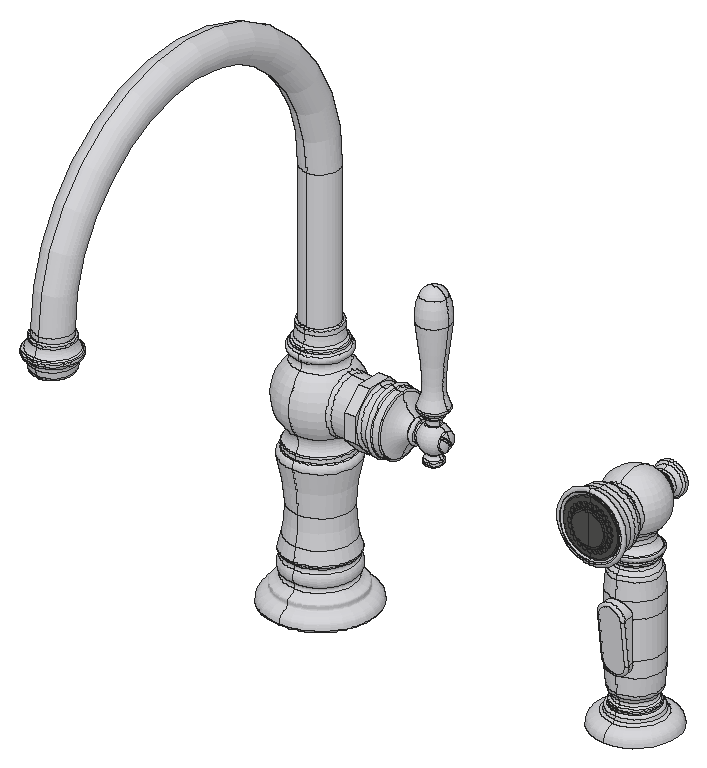
Revit family "Faucet-Kitchen_Sink-KOHLER-Artifacts-K-99262", category Plumbing Fixtures, host Face, Revit 2015 (continued)
Definition of nested family "K-99262_2"
  Forms (in)
    Revolve 1, solid, material <- "Material"
      sketch origin (0, 0, 0) x (0, 1, 0) y (0, 0, 1)
        loop
          arc (0.59268, 0.9473) -> (0.61409, 1.15963) -> (0.62079, 1.37294) r 3.0887
          arc (0.62079, 1.37294) -> (0.62087, 1.5703) -> (0.62234, 1.76766) r 27.79023
          arc (0.62234, 1.76766) -> (0.62497, 2.24363) -> (0.62234, 2.7196) r 43.11888
          arc (0.62234, 2.7196) -> (0.62087, 2.91696) -> (0.62079, 3.11433) r 27.79023
          arc (0.62079, 3.11433) -> (0.61409, 3.32763) -> (0.59268, 3.53997) r 3.0887
          arc (0.59268, 3.53997) -> (0.58032, 3.58936) -> (0.55745, 3.63486) r 0.23144
          line (0.55745, 3.63486) -> (0.48793, 3.7419)
          arc (0.48793, 3.7419) -> (0.47422, 3.77953) -> (0.47835, 3.81936) r 0.08919
          arc (0.47835, 3.81936) -> (0.50031, 3.85605) -> (0.53529, 3.88064) r 0.10282
          arc (0.53529, 3.88064) -> (0.54836, 3.89143) -> (0.55347, 3.90759) r 0.02993
          line (0.55347, 3.90759) -> (0.55347, 3.96076)
          arc (0.55347, 3.96076) -> (0.55737, 3.97832) -> (0.57072, 3.99038) r 0.02959
          arc (0.57072, 3.99038) -> (0.60492, 4.03405) -> (0.58867, 4.08708) r 0.05995
          line (0.58867, 4.08708) -> (0.5531, 4.11159)
          arc (0.5531, 4.11159) -> (0.47595, 4.18929) -> (0.43226, 4.2897) r 0.2965
          arc (0.43226, 4.2897) -> (0.42806, 4.35485) -> (0.44458, 4.41801) r 0.20467
          arc (0.44458, 4.41801) -> (0.48394, 4.49116) -> (0.53647, 4.5555) r 0.43536
          arc (0.53647, 4.5555) -> (0.57301, 4.59517) -> (0.6066, 4.63735) r 0.75153
          arc (0.6066, 4.63735) -> (0.67284, 5.42356) -> (0.00003, 5.83568) r 0.75153
          line (0.00003, 5.83568) -> (0.00003, 0.00009)
        axis (0.00003, 5.83568) -> (0.00003, 0.00009)
      angle from 0 to 360
    Revolve 2, solid, material <- "Material"
      sketch origin (0, 0, 0) x (0, 1, 0) y (0, 0, 1)
        loop
          line (1.24233, 5.08666) -> (0.61887, 5.08666) -> (0.61887, 4.68518)
          arc (0.61887, 4.68518) -> (0.66545, 4.71844) -> (0.72128, 4.73103) r 0.1446
          arc (0.72128, 4.73103) -> (0.74142, 4.73977) -> (0.74971, 4.7601) r 0.02908
          line (0.74971, 4.7601) -> (0.74971, 4.79126) -> (0.82105, 4.79126)
          arc (0.82105, 4.79126) -> (0.86417, 4.79081) -> (0.90728, 4.78945) r 2.05487
          arc (0.90728, 4.78945) -> (0.97912, 4.77396) -> (1.04165, 4.73533) r 0.21664
          arc (1.04165, 4.73533) -> (1.07003, 4.71111) -> (1.09922, 4.68787) r 1.08722
          arc (1.09922, 4.68787) -> (1.13479, 4.67832) -> (1.16671, 4.69671) r 0.04813
          arc (1.16671, 4.69671) -> (1.19189, 4.73836) -> (1.20727, 4.78453) r 0.21925
          arc (1.20727, 4.78453) -> (1.23537, 4.93436) -> (1.24233, 5.08666) r 1.09189
        loop
          line (-0.60824, 4.49752) -> (-0.45501, 4.49752) -> (-0.45501, 5.08666) -> (-1.35024, 5.08666) -> (-1.35024, 4.36816) -> (-1.38731, 4.36816)
          arc (-1.38731, 4.36816) -> (-1.41777, 4.35554) -> (-1.43038, 4.32508) r 0.04308
          line (-1.43038, 4.32508) -> (-1.43038, 4.29432)
          arc (-1.43038, 4.29432) -> (-1.41471, 4.23309) -> (-1.35158, 4.23003) r 0.05321
          arc (-1.35158, 4.23003) -> (-1.24593, 4.28417) -> (-1.13078, 4.31304) r 0.52206
          arc (-1.13078, 4.31304) -> (-1.05026, 4.32012) -> (-0.96943, 4.3201) r 0.91938
          arc (-0.96943, 4.3201) -> (-0.89648, 4.32322) -> (-0.82516, 4.3389) r 0.42071
          arc (-0.82516, 4.3389) -> (-0.71758, 4.39641) -> (-0.63856, 4.48932) r 0.32713
          line (-0.63856, 4.48932) -> (-0.62992, 4.52225)
          arc (-0.62992, 4.52225) -> (-0.62373, 4.5058) -> (-0.60824, 4.49752) r 0.02494
        axis (-1.43038, 5.08666) -> (1.24233, 5.08666)
      angle from 0 to 360
    Extrusion 3, solid, material <- "Material"
      sketch origin (0, -0.45516, -0.05589) x (0, -0.121869, 0.992546) y (1, 0, 0)
        loop
          line (1.75926, -0.3347) -> (2.82625, -0.3347)
          arc (2.82625, -0.3347) -> (3.1626, 0.00165) -> (2.82625, 0.33801) r 0.33636
          line (2.82625, 0.33801) -> (1.75926, 0.33801)
          arc (1.75926, 0.33801) -> (1.42291, 0.00165) -> (1.75926, -0.3347) r 0.33636
      from -0.01207 to 0.37202
    Sweep 4, void
      path origin (0, -0.45516, -0.05589) x (0, -0.121869, 0.992546) y (1, 0, 0)
        loop
          line (2.82625, 0.33801) -> (1.75926, 0.33801)
          arc (1.75926, 0.33801) -> (1.42291, 0.00165) -> (1.75926, -0.3347) r 0.33636
          line (1.75926, -0.3347) -> (2.82625, -0.3347)
          arc (2.82625, -0.3347) -> (3.1626, 0.00165) -> (2.82625, 0.33801) r 0.33636
      profile origin (0.00165, -0.84058, 3.08314) x (0, -0.121869, 0.992546) y (0, 0.992546, 0.121869)
        loop
          line (0.03462, 0.04997) -> (0, 0.04997)
          arc (0, 0.04997) -> (-0.01817, 0.0061) -> (-0.06204, -0.01207) r 0.06204
          line (-0.06204, -0.01207) -> (-0.06204, -0.06158) -> (0.03462, -0.06158) -> (0.03462, 0.04997)
    Extrusion 5, solid
      sketch origin (0, 0, 0) x (1, 0, 0) y (0, 0, 1)
        loop
          circle (0.00087, 4.57092) r 0.04736
        loop
          circle (0.13193, 4.58986) r 0.04736
        loop
          circle (0.25785, 4.63784) r 0.04736
        loop
          circle (0.36179, 4.72368) r 0.04736
        loop
          circle (0.44694, 4.83097) r 0.04736
        loop
          circle (0.49598, 4.95785) r 0.04736
        loop
          circle (0.51071, 5.08307) r 0.04736
        loop
          circle (0.49615, 5.21602) r 0.04736
        loop
          circle (-0.13088, 4.5921) r 0.04736
        loop
          circle (-0.25905, 4.6425) r 0.04736
        loop
          circle (-0.36654, 4.72386) r 0.04736
        loop
          circle (-0.44836, 4.82777) r 0.04736
        loop
          circle (-0.49492, 4.95245) r 0.04736
        loop
          circle (0.00237, 5.5969) r 0.04736
        loop
          circle (0.13412, 5.58353) r 0.04736
        loop
          circle (0.25448, 5.52532) r 0.04736
        loop
          circle (0.36197, 5.44396) r 0.04736
        loop
          circle (0.44379, 5.34005) r 0.04736
        loop
          circle (-0.13109, 5.57828) r 0.04736
        loop
          circle (-0.26242, 5.52998) r 0.04736
        loop
          circle (-0.36636, 5.45195) r 0.04736
        loop
          circle (-0.4437, 5.34466) r 0.04736
        loop
          circle (-0.50055, 5.21778) r 0.04736
        loop
          circle (-0.51528, 5.08475) r 0.04736
      from 1.37571 to 1.4377
    Revolve 6, solid
      sketch origin (0, 0, 0) x (0, 1, 0) y (0, 0, 1)
        loop
          line (-1.5111, 5.48819) -> (-1.5111, 5.08666) -> (-1.35024, 5.08666) -> (-1.35024, 5.79514) -> (-1.39479, 5.79514)
          arc (-1.39479, 5.79514) -> (-1.40975, 5.78895) -> (-1.41594, 5.774) r 0.02115
          line (-1.41594, 5.774) -> (-1.41594, 5.5298)
          arc (-1.41594, 5.5298) -> (-1.42189, 5.51544) -> (-1.43625, 5.50949) r 0.02031
          line (-1.43625, 5.50949) -> (-1.4898, 5.50949)
          arc (-1.4898, 5.50949) -> (-1.50486, 5.50325) -> (-1.5111, 5.48819) r 0.0213
        axis (-1.5111, 5.08666) -> (-1.35024, 5.08666)
      angle from 0 to 360
  Cuts and joins
    Sweep 4 cuts Extrusion 3
    joined: Revolve 1, Revolve 2
    joined: Extrusion 5, Revolve 6
  Lines and regions (in)
    Masking region 1
      outline origin (0, 0, 0) x (1, 0, 0) y (0, 1, 0)
        loop
          arc (-0.30643, 0.95189) -> (-0.97452, 0.22431) -> (-0.69175, -0.72214) r 1
          arc (-0.69175, -0.72214) -> (-0.73867, -0.79457) -> (-0.75991, -0.87822) r 0.2658
          arc (-0.75991, -0.87822) -> (-0.76356, -0.93438) -> (-0.76491, -0.99064) r 1.36837
          arc (-0.76491, -0.99064) -> (-0.76736, -1.06472) -> (-0.77421, -1.13853) r 1.24628
          arc (-0.77421, -1.13853) -> (-0.80146, -1.24869) -> (-0.85415, -1.3492) r 0.47325
          arc (-0.85415, -1.3492) -> (-0.85334, -1.41361) -> (-0.79233, -1.43429) r 0.05577
          line (-0.79233, -1.43429) -> (-0.42358, -1.43429) -> (-0.42358, -1.49105)
          arc (-0.42358, -1.49105) -> (-0.41768, -1.5053) -> (-0.40344, -1.5112) r 0.02015
          line (-0.40344, -1.5112) -> (0.40344, -1.5112)
          arc (0.40344, -1.5112) -> (0.41768, -1.5053) -> (0.42358, -1.49105) r 0.02015
          line (0.42358, -1.49105) -> (0.42358, -1.43429) -> (0.79233, -1.43429)
          arc (0.79233, -1.43429) -> (0.85334, -1.41361) -> (0.85415, -1.3492) r 0.05577
          arc (0.85415, -1.3492) -> (0.80146, -1.24869) -> (0.77421, -1.13853) r 0.47325
          arc (0.77421, -1.13853) -> (0.76736, -1.06472) -> (0.76491, -0.99064) r 1.24628
          arc (0.76491, -0.99064) -> (0.76356, -0.93438) -> (0.75991, -0.87822) r 1.36837
          arc (0.75991, -0.87822) -> (0.73867, -0.79457) -> (0.69175, -0.72214) r 0.2658
          arc (0.69175, -0.72214) -> (0.97452, 0.22431) -> (0.30643, 0.95189) r 1
          arc (0.30643, 0.95189) -> (0.30824, 0.97034) -> (0.31629, 0.98704) r 0.05311
          arc (0.31629, 0.98704) -> (0.32962, 1.00704) -> (0.34146, 1.02795) r 0.33097
          arc (0.34146, 1.02795) -> (0.35251, 1.04492) -> (0.36664, 1.05942) r 0.10362
          arc (0.36664, 1.05942) -> (0.38956, 1.08411) -> (0.40581, 1.11361) r 0.13804
          arc (0.40581, 1.11361) -> (0.4088, 1.12912) -> (0.40581, 1.14462) r 0.04166
          arc (0.40581, 1.14462) -> (0.38435, 1.17063) -> (0.3556, 1.18826) r 0.10243
          arc (0.3556, 1.18826) -> (0.27621, 1.21414) -> (0.194, 1.22873) r 0.59917
          arc (0.194, 1.22873) -> (0.1289, 1.23746) -> (0.06342, 1.24261) r 1.20042
          line (0.06342, 1.24261) -> (-0.06342, 1.24261)
          arc (-0.06342, 1.24261) -> (-0.1289, 1.23746) -> (-0.194, 1.22873) r 1.20042
          arc (-0.194, 1.22873) -> (-0.27621, 1.21414) -> (-0.3556, 1.18826) r 0.59917
          arc (-0.3556, 1.18826) -> (-0.38435, 1.17063) -> (-0.40581, 1.14462) r 0.10243
          arc (-0.40581, 1.14462) -> (-0.4088, 1.12912) -> (-0.40581, 1.11361) r 0.04166
          arc (-0.40581, 1.11361) -> (-0.38956, 1.08411) -> (-0.36664, 1.05942) r 0.13804
          arc (-0.36664, 1.05942) -> (-0.35251, 1.04492) -> (-0.34146, 1.02795) r 0.10362
          arc (-0.34146, 1.02795) -> (-0.32962, 1.00704) -> (-0.31629, 0.98704) r 0.33097
          arc (-0.31629, 0.98704) -> (-0.30824, 0.97034) -> (-0.30643, 0.95189) r 0.05311
    Masking region 2
      outline origin (0, 0, 0) x (1, 0, 0) y (0, 0, 1)
        loop
          line (0.56312, 0.49994) -> (0.52584, 0.49994)
          arc (0.52584, 0.49994) -> (0.54526, 0.50799) -> (0.55331, 0.52741) r 0.02747
          line (0.55331, 0.52741) -> (0.55331, 0.57288)
          arc (0.55331, 0.57288) -> (0.54974, 0.59444) -> (0.53149, 0.60648) r 0.0273
          arc (0.53149, 0.60648) -> (0.5126, 0.62011) -> (0.49814, 0.63838) r 0.08481
          arc (0.49814, 0.63838) -> (0.47246, 0.69846) -> (0.49814, 0.75854) r 0.08314
          line (0.49814, 0.75854) -> (0.57804, 0.89153)
          arc (0.57804, 0.89153) -> (0.61039, 1.07978) -> (0.62122, 1.27049) r 1.68474
          line (0.62122, 1.27049) -> (0.62122, 3.07717)
          arc (0.62122, 3.07717) -> (0.61392, 3.30512) -> (0.59319, 3.53224) r 3.86154
          arc (0.59319, 3.53224) -> (0.58439, 3.57384) -> (0.56845, 3.61326) r 0.24233
          arc (0.56845, 3.61326) -> (0.53258, 3.67706) -> (0.4917, 3.73777) r 0.91001
          arc (0.4917, 3.73777) -> (0.4776, 3.82028) -> (0.53515, 3.88105) r 0.09358
          arc (0.53515, 3.88105) -> (0.54862, 3.89139) -> (0.55373, 3.90759) r 0.02824
          line (0.55373, 3.90759) -> (0.55373, 3.95554)
          arc (0.55373, 3.95554) -> (0.55456, 3.9711) -> (0.56222, 3.98467) r 0.03419
          arc (0.56222, 3.98467) -> (0.57621, 3.99232) -> (0.58839, 4.00261) r 0.07916
          arc (0.58839, 4.00261) -> (0.60546, 4.04501) -> (0.58817, 4.08731) r 0.06079
          arc (0.58817, 4.08731) -> (0.47387, 4.18962) -> (0.42857, 4.33618) r 0.28704
          arc (0.42857, 4.33618) -> (0, 5.95088) -> (-0.42857, 4.33618) r 0.86423
          arc (-0.42857, 4.33618) -> (-0.47387, 4.18962) -> (-0.58817, 4.08731) r 0.28704
          arc (-0.58817, 4.08731) -> (-0.60546, 4.04501) -> (-0.58839, 4.00261) r 0.06079
          arc (-0.58839, 4.00261) -> (-0.57621, 3.99232) -> (-0.56222, 3.98467) r 0.07916
          arc (-0.56222, 3.98467) -> (-0.55456, 3.9711) -> (-0.55373, 3.95554) r 0.03419
          line (-0.55373, 3.95554) -> (-0.55373, 3.90759)
          arc (-0.55373, 3.90759) -> (-0.54862, 3.89139) -> (-0.53515, 3.88105) r 0.02824
          arc (-0.53515, 3.88105) -> (-0.4776, 3.82028) -> (-0.4917, 3.73777) r 0.09358
          arc (-0.4917, 3.73777) -> (-0.53258, 3.67706) -> (-0.56845, 3.61326) r 0.91001
          arc (-0.56845, 3.61326) -> (-0.58439, 3.57384) -> (-0.59319, 3.53224) r 0.24233
          arc (-0.59319, 3.53224) -> (-0.61392, 3.30512) -> (-0.62122, 3.07717) r 3.86154
          line (-0.62122, 3.07717) -> (-0.62122, 1.27049)
          arc (-0.62122, 1.27049) -> (-0.61039, 1.07978) -> (-0.57804, 0.89153) r 1.68474
          line (-0.57804, 0.89153) -> (-0.49814, 0.75854)
          arc (-0.49814, 0.75854) -> (-0.47246, 0.69846) -> (-0.49814, 0.63838) r 0.08314
          arc (-0.49814, 0.63838) -> (-0.5126, 0.62011) -> (-0.53149, 0.60648) r 0.08481
          arc (-0.53149, 0.60648) -> (-0.54974, 0.59444) -> (-0.55331, 0.57288) r 0.0273
          line (-0.55331, 0.57288) -> (-0.55331, 0.52741)
          arc (-0.55331, 0.52741) -> (-0.54526, 0.50799) -> (-0.52584, 0.49994) r 0.02747
          line (-0.52584, 0.49994) -> (-0.56312, 0.49994)
          arc (-0.56312, 0.49994) -> (-0.60862, 0.48109) -> (-0.62747, 0.43559) r 0.06435
          line (-0.62747, 0.43559) -> (-0.64203, 0.36707)
          arc (-0.64203, 0.36707) -> (-0.66625, 0.328) -> (-0.70981, 0.31331) r 0.06789
          line (-0.70981, 0.31331) -> (-0.89709, 0.22862)
          arc (-0.89709, 0.22862) -> (-0.97671, 0.12709) -> (-0.99948, 0.00009) r 0.2672
          line (-0.99948, 0.00009) -> (0, 0.00009) -> (0.99948, 0.00009)
          arc (0.99948, 0.00009) -> (0.97671, 0.12709) -> (0.89709, 0.22862) r 0.2672
          line (0.89709, 0.22862) -> (0.70981, 0.31331)
          arc (0.70981, 0.31331) -> (0.66625, 0.328) -> (0.64203, 0.36707) r 0.06789
          line (0.64203, 0.36707) -> (0.62747, 0.43559)
          arc (0.62747, 0.43559) -> (0.60862, 0.48109) -> (0.56312, 0.49994) r 0.06435
    Masking region 3
      outline origin (0, 0, 0) x (0, 1, 0) y (0, 0, 1)
        loop
          arc (0.53179, 0.49848) -> (0.59996, 0.48381) -> (0.62963, 0.42072) r 0.07859
          line (0.62963, 0.42072) -> (0.64397, 0.36321)
          arc (0.64397, 0.36321) -> (0.66476, 0.32924) -> (0.70126, 0.31331) r 0.06632
          line (0.70126, 0.31331) -> (0.84429, 0.25841)
          arc (0.84429, 0.25841) -> (0.96638, 0.15597) -> (0.99951, 0.00009) r 0.24474
          line (0.99951, 0.00009) -> (-0.99951, 0.00009)
          arc (-0.99951, 0.00009) -> (-0.96638, 0.15597) -> (-0.84429, 0.25841) r 0.24474
          line (-0.84429, 0.25841) -> (-0.70126, 0.31331)
          arc (-0.70126, 0.31331) -> (-0.66476, 0.32924) -> (-0.64397, 0.36321) r 0.06632
          line (-0.64397, 0.36321) -> (-0.62963, 0.42072)
          arc (-0.62963, 0.42072) -> (-0.59996, 0.48381) -> (-0.53179, 0.49848) r 0.07859
        loop
          arc (0.53121, 0.50077) -> (0.54726, 0.51124) -> (0.55348, 0.52937) r 0.0295
          line (0.55348, 0.52937) -> (0.55348, 0.57895)
          arc (0.55348, 0.57895) -> (0.54577, 0.5997) -> (0.52638, 0.61037) r 0.03176
          arc (0.52638, 0.61037) -> (0.50709, 0.62649) -> (0.49098, 0.64578) r 0.14066
          arc (0.49098, 0.64578) -> (0.47462, 0.69102) -> (0.48287, 0.7384) r 0.09369
          line (0.48287, 0.7384) -> (0.55422, 0.84827)
          arc (0.55422, 0.84827) -> (0.59038, 0.94246) -> (0.60616, 1.04211) r 0.48261
          line (0.60616, 1.04211) -> (0.62676, 1.43509)
          spline (0.62676, 1.43509) -> (0.62676, 1.55755) -> (0.62676, 1.71811) -> (0.62676, 1.9041) -> (0.62676, 2.10285) -> (0.62676, 2.30171) -> (0.62675, 2.48822) -> (0.62645, 2.65812) -> (0.6252, 2.81756) -> (0.62234, 2.97341) -> (0.61719, 3.13252) -> (0.60908, 3.30176) -> (0.59734, 3.48798)
          arc (0.59734, 3.48798) -> (0.57958, 3.58773) -> (0.52899, 3.67552) r 0.29377
          arc (0.52899, 3.67552) -> (0.51639, 3.70197) -> (0.49903, 3.72557) r 0.15453
          arc (0.49903, 3.72557) -> (0.48305, 3.75009) -> (0.4751, 3.77826) r 0.097
          arc (0.4751, 3.77826) -> (0.48653, 3.83723) -> (0.53048, 3.87817) r 0.097
          arc (0.53048, 3.87817) -> (0.54653, 3.88931) -> (0.55347, 3.90759) r 0.033
          line (0.55347, 3.90759) -> (0.55347, 3.96076)
          arc (0.55347, 3.96076) -> (0.55755, 3.97894) -> (0.57169, 3.99109) r 0.02961
          arc (0.57169, 3.99109) -> (0.6048, 4.03473) -> (0.58867, 4.08708) r 0.06001
          arc (0.58867, 4.08708) -> (0.51806, 4.14155) -> (0.46177, 4.21072) r 0.38748
          arc (0.46177, 4.21072) -> (0.42754, 4.31224) -> (0.44458, 4.41801) r 0.22309
          arc (0.44458, 4.41801) -> (0.48274, 4.4897) -> (0.53271, 4.55372) r 0.46809
          arc (0.53271, 4.55372) -> (0.59947, 4.62915) -> (0.65553, 4.71284) r 0.75049
          line (0.65553, 4.71284) -> (0.68644, 4.72533)
          arc (0.68644, 4.72533) -> (0.70193, 4.72922) -> (0.71789, 4.7299) r 0.07848
          arc (0.71789, 4.7299) -> (0.73729, 4.73502) -> (0.74987, 4.75067) r 0.03213
          line (0.74987, 4.75067) -> (0.74987, 4.79008) -> (0.89537, 4.79008)
          arc (0.89537, 4.79008) -> (0.93988, 4.78628) -> (0.98232, 4.77234) r 0.19284
          line (0.98232, 4.77234) -> (1.02384, 4.74915) -> (1.1018, 4.68601)
          arc (1.1018, 4.68601) -> (1.12979, 4.67811) -> (1.15778, 4.68601) r 0.0535
          arc (1.15778, 4.68601) -> (1.18807, 4.73248) -> (1.20727, 4.78453) r 0.24778
          arc (1.20727, 4.78453) -> (1.24389, 5.08666) -> (1.20727, 5.38879) r 1.2648
          arc (1.20727, 5.38879) -> (1.18807, 5.44083) -> (1.15778, 5.4873) r 0.24778
          arc (1.15778, 5.4873) -> (1.12979, 5.4952) -> (1.1018, 5.4873) r 0.0535
          line (1.1018, 5.4873) -> (1.02384, 5.42417) -> (0.98232, 5.40097)
          arc (0.98232, 5.40097) -> (0.93988, 5.38703) -> (0.89537, 5.38323) r 0.19284
          line (0.89537, 5.38323) -> (0.74987, 5.38323) -> (0.74987, 5.42265)
          arc (0.74987, 5.42265) -> (0.73729, 5.43829) -> (0.71789, 5.44341) r 0.03213
          arc (0.71789, 5.44341) -> (0.70193, 5.44409) -> (0.68644, 5.44799) r 0.07848
          line (0.68644, 5.44799) -> (0.65712, 5.45983)
          arc (0.65712, 5.45983) -> (0.14779, 5.82458) -> (-0.46078, 5.67588) r 0.75049
          line (-0.46078, 5.67588) -> (-0.60824, 5.67588)
          arc (-0.60824, 5.67588) -> (-0.62375, 5.66755) -> (-0.62992, 5.65106) r 0.02501
          line (-0.62992, 5.65106) -> (-0.63856, 5.68399)
          arc (-0.63856, 5.68399) -> (-0.77449, 5.81529) -> (-0.95936, 5.85456) r 0.34269
          arc (-0.95936, 5.85456) -> (-1.05203, 5.85389) -> (-1.14404, 5.86482) r 0.73851
          arc (-1.14404, 5.86482) -> (-1.26365, 5.89729) -> (-1.37614, 5.9493) r 0.73851
          arc (-1.37614, 5.9493) -> (-1.41435, 5.94) -> (-1.43429, 5.90611) r 0.05048
          line (-1.43429, 5.90611) -> (-1.43429, 5.50946) -> (-1.48772, 5.50946)
          arc (-1.48772, 5.50946) -> (-1.50363, 5.50287) -> (-1.51022, 5.48695) r 0.02251
          line (-1.51022, 5.48695) -> (-1.51022, 4.68636)
          arc (-1.51022, 4.68636) -> (-1.50363, 4.67044) -> (-1.48772, 4.66385) r 0.02251
          line (-1.48772, 4.66385) -> (-1.43429, 4.66385) -> (-1.43429, 4.26721)
          arc (-1.43429, 4.26721) -> (-1.41435, 4.23331) -> (-1.37614, 4.22401) r 0.05048
          arc (-1.37614, 4.22401) -> (-1.26365, 4.27602) -> (-1.14404, 4.30849) r 0.73851
          arc (-1.14404, 4.30849) -> (-1.05203, 4.31942) -> (-0.95936, 4.31875) r 0.73851
          arc (-0.95936, 4.31875) -> (-0.77449, 4.35802) -> (-0.63856, 4.48932) r 0.34269
          line (-0.63856, 4.48932) -> (-0.62992, 4.52225)
          arc (-0.62992, 4.52225) -> (-0.62375, 4.50576) -> (-0.60824, 4.49743) r 0.02501
          line (-0.60824, 4.49743) -> (-0.48787, 4.49743)
          arc (-0.48787, 4.49743) -> (-0.4643, 4.45877) -> (-0.44458, 4.41801) r 0.46809
          arc (-0.44458, 4.41801) -> (-0.42754, 4.31224) -> (-0.46177, 4.21072) r 0.22309
          arc (-0.46177, 4.21072) -> (-0.51806, 4.14155) -> (-0.58867, 4.08708) r 0.38748
          arc (-0.58867, 4.08708) -> (-0.6048, 4.03473) -> (-0.57169, 3.99109) r 0.06001
          arc (-0.57169, 3.99109) -> (-0.55755, 3.97894) -> (-0.55347, 3.96076) r 0.02961
          line (-0.55347, 3.96076) -> (-0.55347, 3.90759)
          arc (-0.55347, 3.90759) -> (-0.54653, 3.88931) -> (-0.53048, 3.87817) r 0.033
          arc (-0.53048, 3.87817) -> (-0.48653, 3.83723) -> (-0.4751, 3.77826) r 0.097
          arc (-0.4751, 3.77826) -> (-0.48305, 3.75009) -> (-0.49903, 3.72557) r 0.097
          arc (-0.49903, 3.72557) -> (-0.51639, 3.70197) -> (-0.52899, 3.67552) r 0.15453
          arc (-0.52899, 3.67552) -> (-0.57705, 3.59444) -> (-0.59695, 3.50231) r 0.29377
          line (-0.59695, 3.50231) -> (-0.61705, 3.11366) -> (-0.81272, 3.08616)
          arc (-0.81272, 3.08616) -> (-0.83824, 3.05557) -> (-0.84527, 3.01636) r 0.0778
          line (-0.84527, 3.01636) -> (-0.65169, 1.43977)
          arc (-0.65169, 1.43977) -> (-0.6425, 1.40775) -> (-0.62388, 1.38013) r 0.10647
          line (-0.62388, 1.38013) -> (-0.60616, 1.04211)
          arc (-0.60616, 1.04211) -> (-0.59038, 0.94246) -> (-0.55422, 0.84827) r 0.48261
          line (-0.55422, 0.84827) -> (-0.48287, 0.7384)
          arc (-0.48287, 0.7384) -> (-0.47462, 0.69102) -> (-0.49098, 0.64578) r 0.09369
          arc (-0.49098, 0.64578) -> (-0.50709, 0.62649) -> (-0.52638, 0.61037) r 0.14066
          arc (-0.52638, 0.61037) -> (-0.54577, 0.5997) -> (-0.55348, 0.57895) r 0.03176
          line (-0.55348, 0.57895) -> (-0.55348, 0.52937)
          arc (-0.55348, 0.52937) -> (-0.54726, 0.51124) -> (-0.53121, 0.50077) r 0.0295
    symbolic lines, detail levels medium+fine
      curve 1: line (-0.30213, 1.20727, 0) -> (0.30213, 1.20727, 0)
      curve 2: line (-0.32935, 0.74968, 0) -> (0.32935, 0.74968, 0)
      curve 3: line (-0.42358, -1.49105, 0) -> (0.42358, -1.49105, 0)
      curve 4: line (-0.85415, -1.3492, 0) -> (0.85415, -1.3492, 0)
      curve 5: line (-0.59733, -0.63856, 0) -> (0.59733, -0.63856, 0)
      curve 6: line (-0.56441, -0.62992, 0) -> (0.56441, -0.62992, 0)
      curve 7: line (-0.58913, -0.60824, 0) -> (0.58913, -0.60824, 0)
      curve 8: line (0.58913, -0.60824, 0) -> (0.58913, -0.46962, 0)
      curve 9: line (0.58913, -0.46962, 0) -> (-0.58913, -0.46962, 0)
      curve 10: line (-0.58913, -0.46962, 0) -> (-0.58913, -0.60824, 0)
      curve 11: arc (-0.69175, -0.72214, 0) -> (-0.64901, -0.67529, 0) -> (-0.59733, -0.63856, 0) r 0.29788
      curve 12: arc (-0.58913, -0.60824, 0) -> (-0.58085, -0.62373, 0) -> (-0.56441, -0.62992, 0) r 0.02494
      curve 13: line (-0.59733, -0.63856, 0) -> (-0.56441, -0.62992, 0)
      curve 14: line (0.59733, -0.63856, 0) -> (0.56441, -0.62992, 0)
      curve 15: arc (0.56441, -0.62992, 0) -> (0.58085, -0.62373, 0) -> (0.58913, -0.60824, 0) r 0.02494
      curve 16: arc (0.59733, -0.63856, 0) -> (0.64901, -0.6753, 0) -> (0.69175, -0.72214, 0) r 0.29835
      curve 17: line (-0.3724, 0.65588, 0) -> (0.3724, 0.65588, 0)
      curve 18: arc (-0.32935, 0.74968, 0) -> (-0.35093, 0.73634, 0) -> (-0.35608, 0.7115, 0) r 0.03211
      curve 19: arc (-0.35608, 0.7115, 0) -> (-0.36191, 0.68301, 0) -> (-0.3724, 0.65588, 0) r 0.17409
      curve 20: arc (0.32935, 0.74968, 0) -> (0.35093, 0.73634, 0) -> (0.35608, 0.7115, 0) r 0.03211
      curve 21: arc (0.35608, 0.7115, 0) -> (0.36191, 0.68301, 0) -> (0.3724, 0.65588, 0) r 0.17409
      curve 22: arc (-0.30643, 0.95189, 0) -> (-0.29628, 0.90518, 0) -> (-0.29649, 0.85737, 0) r 0.21921
      curve 23: line (-0.29649, 0.85737, 0) -> (-0.29649, 0.74968, 0)
      curve 24: arc (0.30643, 0.95189, 0) -> (0.29628, 0.90518, 0) -> (0.29649, 0.85737, 0) r 0.21921
      curve 25: line (0.29649, 0.85737, 0) -> (0.29649, 0.74968, 0)
      curve 26: line (-0.35608, 0.7115, 0) -> (0.35608, 0.7115, 0)
      curve 27: arc (-0.58913, -0.46962, 0) -> (-0.75454, 0.0004, 0) -> (-0.58913, 0.47042, 0) r 0.75051
      curve 28: arc (-0.58913, 0.47042, 0) -> (-0.48943, 0.57327, 0) -> (-0.3724, 0.65588, 0) r 0.7702
      curve 29: arc (0.58913, -0.46962, 0) -> (0.75454, 0.0004, 0) -> (0.58913, 0.47042, 0) r 0.75051
      curve 30: arc (0.58913, 0.47042, 0) -> (0.48943, 0.57327, 0) -> (0.3724, 0.65588, 0) r 0.7702
      curve 31: line (0.01976, 1.20727, 0) -> (0.01976, 0.74968, 0)
      curve 32: arc (0.01976, 1.20727, 0) -> (0.01449, 1.22752, 0) -> (0, 1.24261, 0) r 0.04147
      curve 33: line (0.70981, 0, 0.31331) -> (-0.70981, 0, 0.31331)
      curve 34: line (0.52584, 0, 0.49994) -> (-0.52584, 0, 0.49994)
      curve 35: line (0.55343, 0, 3.90759) -> (-0.55343, 0, 3.90759)
      curve 36: line (0.55343, 0, 3.96076) -> (-0.55343, 0, 3.96076)
      curve 37: line (0.58863, 0, 4.08708) -> (-0.58863, 0, 4.08708)
      curve 38: circle (0, 0, 5.08666) r 0.17573 normal (0, -1, 0)
      curve 39: circle (0, 0, 5.08588) r 0.30268 normal (0, -1, 0)
      curve 40: line (0.42857, 0, 4.33618) -> (-0.42857, 0, 4.33618)
      curve 41: line (0.42674, 0, 4.45337) -> (-0.42674, 0, 4.45337)
      curve 42: arc (0.42923, 0, 4.43084) -> (0, 0, 5.87045) -> (-0.42923, 0, 4.43084) r 0.78379
      curve 43: arc (0.42857, 0, 4.33618) -> (0.43109, 0, 4.39483) -> (0.42674, 0, 4.45337) r 0.50139
      curve 44: arc (-0.42857, 0, 4.33618) -> (-0.43092, 0, 4.4024) -> (-0.4245, 0, 4.46835) r 0.50139
      curve 45: arc (0.4018, 0, 4.45337) -> (0.0136, 0, 5.83653) -> (-0.4245, 0, 4.46835) r 0.75
      curve 46: line (0, 1.20727, 4.78453) -> (0, 1.20727, 5.38879)
      curve 47: line (0, 0.74971, 5.38205) -> (0, 0.74971, 4.78949)
      curve 48: line (0, 0.65215, 5.46169) -> (0, 0.65215, 4.70703)
      curve 49: line (0, -0.46568, 5.67579) -> (0, -0.48821, 4.49752)
      curve 50: line (0, -0.62992, 5.65106) -> (0, -0.62992, 4.52225)
      curve 51: line (0, -0.60824, 5.67579) -> (0, -0.60824, 4.49743)
      curve 52: line (0, -1.43429, 5.50946) -> (0, -1.43429, 4.66385)
      curve 53: line (0, -0.44458, 4.41801) -> (0, 0.44458, 4.41801)
      curve 54: line (0, 0.55347, 3.96076) -> (0, -0.5534, 3.96076)
      curve 55: line (0, 0.55347, 3.90759) -> (0, -0.55347, 3.90759)
      curve 56: line (0, 0.58867, 4.08708) -> (0, -0.5886, 4.08708)
      curve 57: line (0, 0.70126, 0.31331) -> (0, -0.70977, 0.31331)
      curve 58: line (0, 0.53121, 0.50077) -> (0, -0.53121, 0.50077)
      curve 59: line (0, -0.61705, 3.11366) -> (0, -0.61705, 1.36366)
  Dimensions and locks (in)
    aligned and locked: plane 2 to level
Types (5): name | Type | Model | Finish
  (no name) | 1 | "K-99262-CP" | Kohler-Metal-CP-Polished_Chrome
  CP- Polished Chrome | 1 | "K-99262-CP" | Kohler-Metal-CP-Polished_Chrome
  SN- Vibrant Polished Nickel | 2 | "K-99262-SN" | Kohler-Metal-SN-Vibrant_Polished_Nickel
  VS- Vibrant Stainless | 3 | "K-99262-VS" | Kohler-Metal-VS-Vibrant_Stainless
  2BZ- Oil- Rubbed Bronze | 4 | "K-99262-2BZ" | Kohler-Metal-2BZ-Oil_Rubbed_Bronze
